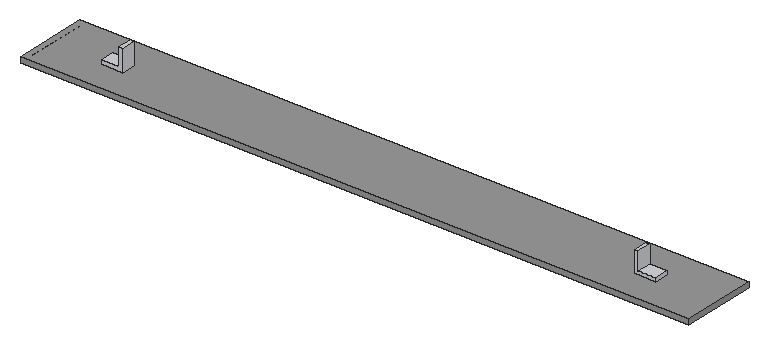
Revit family "Slots AnCar 5", category Lighting Fixtures, Revit 2017
Family settings
  Round Connector Dimension = Use Diameter
  Part Type = Normal
  OmniClass Number = 23.80.70.00
  OmniClass Title = Lighting
  Work Plane-Based = No
  Always vertical = Yes
  Cut with Voids When Loaded = No
  Light Source = Yes
  Shared = No
  Room Calculation Point = No
Parameters (values of type "4ft nominal 5in")
  width = 0' - 5 1/4"
  Wattage = 12.1178 W
  built-in parameter 1150110 = 1 (stored number, unit not read)
  built-in parameter 1114217 = 1 (stored number, unit not read)
  built-in parameter 1150109 = 1 (stored number, unit not read)
  built-in parameter 1150134 = (empty or 0)
  built-in parameter 1150113 = 1 (stored number, unit not read)
  Lumens = 1800 lm
  built-in parameter 1150115 = 1 (stored number, unit not read)
  built-in parameter 1150105 = 572.96 (stored number, unit not read)
  Light Source Symbol Size = width  # 0' - 5 1/4"
  built-in parameter 1150137 = (empty or 0)
  built-in parameter 1150139 = (empty or 0)
  Length = 3' - 11"
  built-in parameter 1150112 = 1 (stored number, unit not read)
  built-in parameter 1150114 = 1 (stored number, unit not read)
  built-in parameter 1150132 = 2
  built-in parameter 1150102 = (empty or 0)
  built-in parameter 1150138 = (empty or 0)
  built-in parameter 1150107 = 3000 (stored number, unit not read)
  built-in parameter 1150106 = 5.7296 (stored number, unit not read)
  Emit from Line Length = Length  # 3' - 11"
  built-in parameter 1150104 = 13.8 (stored number, unit not read)
  Dimming Lamp Color Temperature Shift = <None>
  Color Filter = 16777215
  built-in parameter 1114218 = 1 (stored number, unit not read)
  built-in parameter 1150133 = 10 (stored number, unit not read)
Types (8): name | Length | Emit from Line Length
  (no name) | 3' - 11" | 3' - 11"
  2ft nominal 5in | 1' - 11" | 1' - 11"
  3ft nominal 5in | 2' - 11" | 2' - 11"
  4ft nominal 5in | 3' - 11" | 3' - 11"
  5ft nominal 5in | 4' - 11" | 4' - 11"
  6ft nominal 5in | 5' - 11" | 5' - 11"
  7ft nominal 5in | 6' - 11" | 6' - 11"
  8ft nominal 5in | 7' - 11" | 7' - 11"
Reference planes (in)
  plane 1 "Light Source Axis (F/B)": y = 0
  plane 2: z = 0
  plane 3 "Light Source Axis (L/R)": x = 0
  plane 4 "Light Source Elevation": z = 120
Forms (in)
  Extrusion 1, solid, material "Aluminum"
    sketch origin (0, 0, 0) x (0, 1, 0) y (0, 0, 1)
      loop
        line (-2.625, 120) -> (2.625, 120) -> (2.625, 120.375) -> (-2.625, 120.375) -> (-2.625, 120)
    from -23.5 to 23.5
  Extrusion 2, void
    sketch origin (0, 0, 0) x (0, 1, 0) y (0, 0, 1)
      loop
        line (-2.25, 120) -> (2.25, 120) -> (2.25, 120.3125) -> (-2.25, 120.3125) -> (-2.25, 120)
    from -23.12926 to 23.12926
  Extrusion 3, solid, material "Acrylic"
    sketch origin (0, 0, 0) x (0, 1, 0) y (0, 0, 1)
      loop
        line (-2.25, 120.25) -> (-2.25, 120) -> (2.25, 120) -> (2.25, 120.25) -> (-2.25, 120.25)
    from -23.12926 to 23.12926
  Extrusion 4, solid
    sketch origin (0, 0, 0) x (1, 0, 0) y (0, 0, 1)
      loop
        line (-19.5, 120.375) -> (-18, 120.375) -> (-18, 121.875) -> (-19.5, 121.875) -> (-19.5, 120.375)
    from -0.5 to 0.5
  Extrusion 5, solid
    sketch origin (0, 0, 0) x (-1, 0, 0) y (0, 0, -1)
      loop
        line (-19.5, -120.375) -> (-19.5, -121.875) -> (-18, -121.875) -> (-18, -120.375) -> (-19.5, -120.375)
    from -0.5 to 0.5
  Extrusion 6, void
    sketch origin (0, 0, 0) x (1, 0, 0) y (0, 0, 1)
      loop
        line (-19.5, 121.875) -> (-19.5, 120.625) -> (-18.25, 120.625) -> (-18.25, 121.875) -> (-19.5, 121.875)
      loop
        line (19.5, 121.875) -> (18.25, 121.875) -> (18.25, 120.625) -> (19.5, 120.625) -> (19.5, 121.875)
    from -0.5 to 0.5
Cuts and joins
  Extrusion 2 cuts Extrusion 1
  Extrusion 6 cuts Extrusion 4
  Extrusion 6 cuts Extrusion 5
Dimensions and locks (in)
  locked: Extrusion 1 sketch curve to plane 4 "Light Source Elevation" at 0.375
  "width": Extrusion 1 sketch curve to Extrusion 1 sketch curve
  equal spacing: Extrusion 1 sketch curve, plane 1 "Light Source Axis (F/B)", Extrusion 1 sketch curve
  equal spacing: Extrusion 1, plane 3 "Light Source Axis (L/R)", Extrusion 1
  "Length": Extrusion 1 to Extrusion 1
  equal spacing: Extrusion 2 sketch curve, imposter light, Extrusion 2 sketch curve
  locked: Extrusion 1 to Extrusion 2 sketch curve at 0.375
  locked: Extrusion 2 sketch curve to Extrusion 2 sketch curve at 0.3125
  locked: cut or joined group of Extrusion 1, Extrusion 2 to cut or joined group of Extrusion 1, Extrusion 2 at 0.37074
  equal spacing: cut or joined group of Extrusion 1, Extrusion 2, plane 3 "Light Source Axis (L/R)", cut or joined group of Extrusion 1, Extrusion 2
  locked: Extrusion 3 sketch curve to imposter light at 0.25
  plane 4 "Light Source Elevation" to Extrusion 3 = 0' - 0 1/4"
  locked: Extrusion 4 sketch curve to Extrusion 4 sketch curve at 1.5  (x2)
  locked: cut or joined group of Extrusion 1, Extrusion 2 to Extrusion 4 sketch curve at 5.5
  plane 4 "Light Source Elevation" to Extrusion 4 = 0' - 1 7/8"
  equal spacing: Extrusion 4, plane 1 "Light Source Axis (F/B)", Extrusion 4
  locked: Extrusion 5 sketch curve to Extrusion 5 sketch curve at 1.5  (x2)
  Extrusion 5 to Extrusion 5 = 0' - 1"
  locked: cut or joined group of Extrusion 1, Extrusion 2 to Extrusion 5 at 5.5
  locked: plane 4 "Light Source Elevation" to Extrusion 5 at 1.875
  locked: Extrusion 6 sketch curve to Extrusion 4 at 0.25
  locked: Extrusion 6 sketch curve to cut or joined group of Extrusion 1, Extrusion 2 at 0.25  (x2)
  locked: Extrusion 5 to Extrusion 6 sketch curve at 0.25
  Extrusion 6 to plane 4 "Light Source Elevation" = 0' - 1 7/8"
  aligned and locked: plane 3 "Light Source Axis (L/R)" to imposter light
  aligned and locked: plane 1 "Light Source Axis (F/B)" to imposter light
  aligned and locked: plane 4 "Light Source Elevation" to imposter light
  aligned and locked: level to plane 2
  aligned and locked: plane 4 "Light Source Elevation" to Extrusion 1 sketch curve
  aligned and locked: plane 4 "Light Source Elevation" to Extrusion 2 sketch curve
  aligned and locked: Extrusion 3 sketch curve to cut or joined group of Extrusion 1, Extrusion 2  (x2)
  aligned and locked: cut or joined group of Extrusion 1, Extrusion 2 to Extrusion 3
  aligned and locked: Extrusion 3 to cut or joined group of Extrusion 1, Extrusion 2
  aligned and locked: Extrusion 5 to cut or joined group of Extrusion 1, Extrusion 2
  aligned and locked: Extrusion 6 sketch curve to Extrusion 4
  aligned and locked: Extrusion 4 to Extrusion 6
  aligned and locked: Extrusion 6 to Extrusion 4
Automatic sketch dimensions
  plane 4 "Light Source Elevation" to Extrusion 3 sketch curve = 0' - 0"
  Extrusion 4 sketch curve to plane 4 "Light Source Elevation" = 0' - 0 3/8"
  plane 4 "Light Source Elevation" to Extrusion 5 sketch curve = 0' - 0 3/8"
  Extrusion 5 sketch curve to plane 3 "Light Source Axis (L/R)" = 1' - 7 1/2"
  Extrusion 6 sketch curve to Extrusion 6 sketch curve = 0' - 1 1/4"  (x3)
